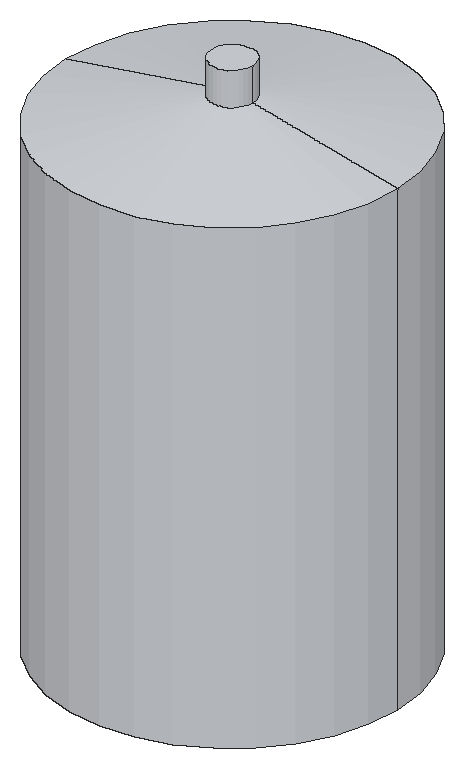
Revit family "d43e8fb23c534cd7b67b8873148e85c6", category Mechanical Equipment, Revit 2021
Family settings
  Round Connector Dimension = Use Radius
  Part Type = Normal
  OmniClass Number = 23.75.70.11.14
  OmniClass Title = Expansion Vessels
  Seek Item ID = Expansion Tank - Inline-0000-USA-ENU
  Work Plane-Based = No
  Always vertical = Yes
  Cut with Voids When Loaded = No
  Shared = No
  Room Calculation Point = No
Parameters (values of type "2 Gallon")
  Tank Radius = Tank Diameter * 0.5  # 0' - 4"
  Height 2 = (Tank Height - Height 1) * 0.5  # 0' - 0 11/16"
  Half Height 1 = Height 1 * 0.5  # 0' - 5 5/8"
  Flow [instance] = 1 GPM
  Tank Height = 1' - 0 5/8"
  Tank Diameter = 0' - 8"
  Nominal Radius [instance] = 1/2"
  In-Line Expansion Tank Material = none
  Height 1 = 0' - 11 1/4"
  Nominal Diameter [instance] = Nominal Radius * 2  # 1"
  Default Elevation = 0' - 0"
Types (6): name | Tank Radius | Height 2 | Half Height 1 | Tank Height | Tank Diameter | Height 1
  (no name) | 0' - 4" | 0' - 0 11/16" | 0' - 5 5/8" | 1' - 0 5/8" | 0' - 8" | 0' - 11 1/4"
  2 Gallon | 0' - 4" | 0' - 0 11/16" | 0' - 5 5/8" | 1' - 0 5/8" | 0' - 8" | 0' - 11 1/4"
  4.4 Gallon | 0' - 5 1/2" | 0' - 0 3/4" | 0' - 6 3/4" | 1' - 3" | 0' - 11" | 1' - 1 1/2"
  7.6 Gallon | 0' - 5 1/2" | 0' - 1" | 0' - 10 1/8" | 1' - 10 1/4" | 0' - 11" | 1' - 8 1/4"
  10.3 Gallon | 0' - 7 11/16" | 0' - 1" | 0' - 7 7/8" | 1' - 5 3/4" | 1' - 3 3/8" | 1' - 3 3/4"
  14 Gallon | 0' - 7 11/16" | 0' - 1" | 0' - 10" | 1' - 10" | 1' - 3 3/8" | 1' - 8"
Reference planes (in)
  plane 1 "Center (Front/Back)": y = 0
  plane 2: z = 0
  plane 3 "Center (Left/Right)": x = 0
  plane 4: x = -4
  plane 5: x = 4
  plane 6: z = 12.625
  plane 7: z = 0.6875
  plane 8: z = 11.9375
  plane 9: z = 13.375
Forms (in)
  Revolve 1, solid, material <- "In-Line Expansion Tank Material"
    sketch origin (0, 0, 0) x (1, 0, 0) y (0, 0, 1)
      loop
        arc (-4, 0.6875) -> (-2.01292, 0.26858) -> (0, 0) r 27.03427
        line (0, 0) -> (0, 0.6875) -> (-4, 0.6875)
      axis (0, 0.6875) -> (0, 0)
    angle from 0 to 360
  Extrusion 2, solid, material <- "In-Line Expansion Tank Material"
    sketch origin (0, 0, 0) x (1, 0, 0) y (0, 1, 0)
      loop
        circle (0, 0) r 4
    from 0.6875 to 11.9375
  Revolve 3, solid, material <- "In-Line Expansion Tank Material"
    sketch origin (0, 0, 0) x (1, 0, 0) y (0, 0, 1)
      loop
        arc (0, 12.625) -> (-2.01276, 12.35549) -> (-4, 11.9375) r 27.37283
        line (-4, 11.9375) -> (0, 11.9375) -> (0, 12.625)
      axis (0, 12.625) -> (0, 11.9375)
    angle from 0 to 360
  Extrusion 4, solid, material <- "In-Line Expansion Tank Material"
    sketch origin (0, 0, 0) x (1, 0, 0) y (0, 1, 0)
      loop
        circle (0, 0) r 0.5
    from 11.9375 to 13.375
Cuts and joins
  joined: Revolve 1, Extrusion 2, Revolve 3, Extrusion 4
Dimensions and locks (in)
  equal spacing: plane 5, plane 3 "Center (Left/Right)", plane 4
  "Tank Radius": plane 3 "Center (Left/Right)" to plane 4
  "Tank Height": plane 6 to plane 2
  "Height 2": plane 7 to plane 2
  "Height 1": plane 8 to plane 7
  locked: plane 9 to plane 6 at 0.75
  "Tank Radius": radius of Extrusion 2 sketch curve
  "Nominal Radius": radius of Extrusion 4 sketch curve
  aligned and locked: Revolve 1 sketch curve to Revolve 1 sketch curve  (x2)
  aligned and locked: plane 3 "Center (Left/Right)" to Extrusion 2 sketch curve
  aligned and locked: plane 1 "Center (Front/Back)" to Extrusion 2 sketch curve
  aligned and locked: Extrusion 2 to plane 7
  aligned and locked: plane 8 to Extrusion 2
  aligned and locked: plane 6 to Revolve 3 sketch curve
  aligned and locked: Revolve 3 sketch curve to Revolve 3 sketch curve  (x2)
  aligned and locked: plane 3 "Center (Left/Right)" to Extrusion 4 sketch curve
  aligned and locked: plane 1 "Center (Front/Back)" to Extrusion 4 sketch curve
  aligned and locked: plane 9 to Extrusion 4
  aligned and locked: Extrusion 4 to plane 8
Automatic sketch dimensions
  Revolve 1 sketch curve to plane 4 = 0' - 0"
  Revolve 1 sketch curve to level = 0' - 0"  (x2)
  Revolve 1 sketch curve to plane 3 "Center (Left/Right)" = 0' - 0"
  Revolve 1 sketch curve to plane 7 = 0' - 0"
  plane 3 "Center (Left/Right)" to Revolve 1 sketch curve = 0' - 2.56645"
  Revolve 3 sketch curve to plane 4 = 0' - 0"
  Revolve 3 sketch curve to plane 3 "Center (Left/Right)" = 0' - 0"
  Revolve 3 sketch curve to plane 8 = 0' - 0"
  Revolve 3 sketch curve to plane 6 = 0' - 0"
  plane 3 "Center (Left/Right)" to Revolve 3 sketch curve = 0' - 2.62396"
Connectors (in)
  piping at (0, 0, 13.375), diameter 1, driven by "Flow", driven by "Nominal Radius"
    settings: on cut or joined group of Revolve 1, Extrusion 2, Revolve 3, Extrusion 4, index 1, connector inside diameter 1", connector length 0' - 0", flow factor 0, pipe flow 1 GPM, pressure drop 0.00 psi, fitting loss kfactor 0, connector angle 0.00°, fixture units 0, engagement length 0' - 0", angle of deflection 0.00°, flow configuration 0, flow direction 2, fitting loss method 0, system type 29, joint type 0, gender type 0, connector reference index -1, connector utility 0, adjustable connector no, is connector primary yes, connector description "Tank Out"
